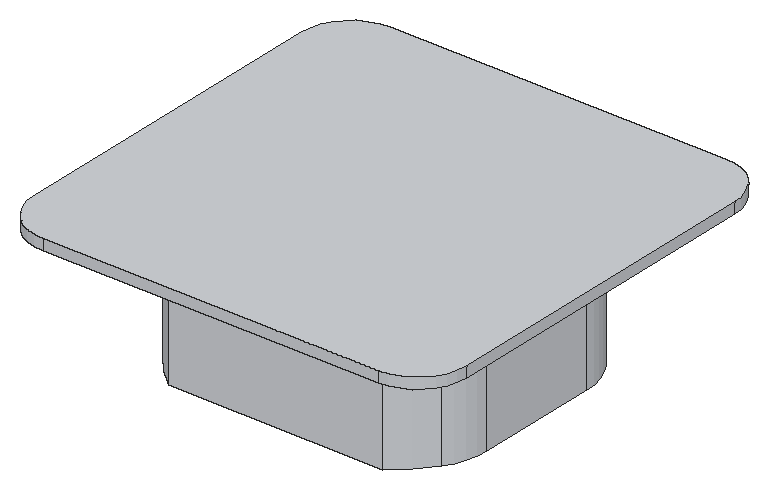
Revit family "Gira_540900", category Electrical Fixtures, host Face, Revit 2017
Family settings
  Host = Face
  Maintain Annotation Orientation = Yes
  Round Connector Dimension = Use Diameter
  Part Type = Normal
  Cut with Voids When Loaded = No
  Shared = No
  Room Calculation Point = No
Parameters (values of type "S3000 Nebenst.eins. 3-Draht Einsatz")
  Zusammenstellung = "Basiselement"
  Werkstoffgüte = "sonstige"
  Werkstoff = "sonstige"
  URL = "http://katalog.gira.de/de_DE/datenblatt.html?artikelnr=540900"
  Transparent = "No"
  Region = "DE"
  Oberfläche = "sonstige"
  Name = "S3000 Nebenst.eins. 3-Draht Einsatz"
  Montageart = "unter Putz"
  Manufacturer URL = "https://www.gira.de/"
  Lastart = "universal"
  Keynote = "Einsatz_1fach"
  HeinzeBIM = "https://bimportal.heinze.de/bim/s3000-nebenst-eins-3-draht-einsatz/1971d4ba91bb443d9e16065c2215d38b8071e43b"
  HAN = "540900"
  GTIN = "4010337048329"
  Default Elevation = 1219.2 mm
  Data sheet (1) = "https://katalog.gira.de/de_DE/download.html?artikelnr=540900"
  Category = "Elektronischer Schalter"
  Befestigungsart = "Krallen-/Schraubbefestigung"
  Available = "Yes"
  Ausführung der Oberfläche = "nicht zutreffend"
  Ausführung = "Nebenstelle"
Reference planes
  plane 1 "Center (Front/Back)": y = 0
  plane 2: z = 0
  plane 3 "Center (Left/Right)": x = 0
Forms (mm)
  Extrusion 1, solid, detail levels fine
    sketch origin (0, 0, 0) x (1, 0, 0) y (0, 1, 0)
      loop
        line (27.475, 35.475) -> (-27.475, 35.475)
        arc (-27.475, 35.475) -> (-33.132, 33.132) -> (-35.475, 27.475) r 8
        line (-35.475, 27.475) -> (-35.475, -27.475)
        arc (-35.475, -27.475) -> (-33.132, -33.132) -> (-27.475, -35.475) r 8
        line (-27.475, -35.475) -> (27.475, -35.475)
        arc (27.475, -35.475) -> (33.132, -33.132) -> (35.475, -27.475) r 8
        line (35.475, -27.475) -> (35.475, 27.475)
        arc (35.475, 27.475) -> (33.132, 33.132) -> (27.475, 35.475) r 8
    from 0 to 1.8
  Extrusion 2, solid, detail levels fine
    sketch origin (0, 0, 0) x (1, 0, 0) y (0, 1, 0)
      loop
        line (9.678, 25.4) -> (-9.678, 25.4)
        arc (-9.678, 25.4) -> (-12.885, 24.922) -> (-15.814, 23.53) r 11
        arc (-15.814, 23.53) -> (-17.795, 22.07) -> (-19.641, 20.444) r 28.35
        arc (-19.641, 20.444) -> (-21.339, 18.665) -> (-22.876, 16.745) r 28.35
        arc (-22.876, 16.745) -> (-24.456, 13.666) -> (-25, 10.248) r 11
        line (-25, 10.248) -> (-25, -10.248)
        arc (-25, -10.248) -> (-24.456, -13.666) -> (-22.876, -16.745) r 11
        arc (-22.876, -16.745) -> (-20.409, -19.677) -> (-17.569, -22.25) r 28.35
        line (-17.569, -22.25) -> (17.569, -22.25)
        arc (17.569, -22.25) -> (20.409, -19.677) -> (22.876, -16.745) r 28.35
        arc (22.876, -16.745) -> (24.456, -13.666) -> (25, -10.248) r 11
        line (25, -10.248) -> (25, 10.248)
        arc (25, 10.248) -> (24.456, 13.666) -> (22.876, 16.745) r 11
        arc (22.876, 16.745) -> (21.593, 18.37) -> (20.195, 19.897) r 28.35
        arc (20.195, 19.897) -> (18.096, 21.823) -> (15.814, 23.53) r 28.35
        arc (15.814, 23.53) -> (12.885, 24.922) -> (9.678, 25.4) r 11
    from 0 to -22
  Extrusion 3, solid, detail levels medium
    sketch origin (0, 0, 0) x (1, 0, 0) y (0, 1, 0)
      loop
        line (-25, 25.4) -> (-25, -22.25) -> (25, -22.25) -> (25, 25.4) -> (-25, 25.4)
    from 0 to -22
  Extrusion 4, solid, detail levels coarse
    sketch origin (0, 0, 0) x (1, 0, 0) y (0, 1, 0)
      loop
        line (35.475, 35.475) -> (-35.475, 35.475) -> (-35.475, -35.475) -> (35.475, -35.475) -> (35.475, 35.475)
    from -22 to 1.8
  Extrusion 5, solid, detail levels medium
    sketch origin (0, 0, 0) x (1, 0, 0) y (0, 1, 0)
      loop
        line (35.475, 35.475) -> (-35.475, 35.475) -> (-35.475, -35.475) -> (35.475, -35.475) -> (35.475, 35.475)
    from 0 to 1.8
Dimensions and locks
  aligned and locked: plane 2 to host face
  aligned and locked: level to host face
  aligned and locked: plane 3 "Center (Left/Right)" to nested 1
  aligned and locked: plane 1 "Center (Front/Back)" to nested 1
Nested families
  nested 1: "RJ45-Datendose Beschriftung" at (0, 0, 0), type "RJ45-Datendose Beschriftung"
Connectors
  electrical at (0, 0, -22)
    settings: on Extrusion 4, index 1, voltage 220 V, apparent load 0 VA, apparent load phase1 0 VA, apparent load phase2 0 VA, apparent load phase3 0 VA, power factor 1, load classification "Other", number of poles 1, system type 30, power factor state 1, is connector primary yes, connector utility no, sub classification motor no, connector description ""
Definition of nested family "RJ45-Datendose Beschriftung"
  Reference planes
    plane 1: y = 0
    plane 2: x = 0
  Lines and regions (mm)
    Filled region 1, type "Gefüllter Bereich 1"
      outline origin (0, 0, 0) x (1, 0, 0) y (0, 1, 0)
        loop
          circle (0, 2.4) r 0.4
    detail lines
      curve 1: line (0, 0, 0) -> (0, 2, 0)
      curve 2: line (0, 2, 0) -> (1.2, 2, 0)
      curve 3: line (1.2, 2, 0) -> (1.2, 3.6, 0)
      curve 4: circle (0, 2.4, 0) r 0.4 normal (0, 0, 1)
      curve 5: line (0, 2, 0) -> (-1.2, 2, 0)
      curve 6: line (-1.2, 2, 0) -> (-1.2, 3.6, 0)
